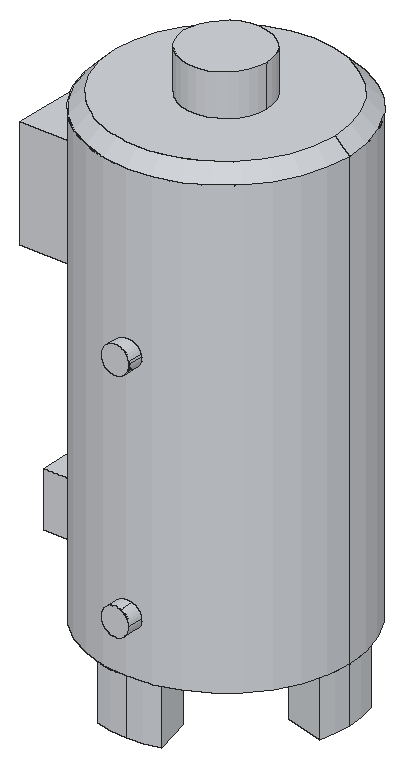
Revit family "9d31ee8ee0424f5d888b5a42d5f154ff", category Mechanical Equipment, Revit 2021
Family settings
  Round Connector Dimension = Use Radius
  Part Type = Normal
  OmniClass Number = 23.75.10.11.14
  OmniClass Title = Hot Water Heat Generators
  Seek Item ID = Hot Water Boiler - 200-1500 MBH-0000-USA-ENU
  Work Plane-Based = No
  Always vertical = Yes
  Cut with Voids When Loaded = No
  Shared = No
  Room Calculation Point = No
Parameters (values of type "200 MBH")
  Water Pressure Drop [instance] = 40.00 psi
  Water Flow [instance] = 4 GPM
  Voltage = 460 V
  Vent Radius = 3"
  Vent Diameter = Vent Radius * 2  # 6"
  Vent Box Radius = Vent Box Diameter / 2  # 0' - 3"
  Vent Box Height = 0' - 3"
  Vent Box Diameter = 0' - 6"
  Radius 1 = Boiler Radius - 0' 3"  # 0' - 6"
  Output Heat [instance] = 170000 Btu/h
  Number of Poles = 3
  Load Classification = Heating
  Input Heat [instance] = 200000.0 Btu/h
  Gas Flow [instance] = 3 GPM
  Exhaust Air Pressure Drop [instance] = 0.00 in-wg
  Exhaust Air Flow [instance] = 0 CFM
  Default Elevation = 0' - 0"
  Apparent Load = 58000 VA
  Hot Water Radius = 3/4"
  Hot Water Diameter = Hot Water Radius * 2  # 1 1/2"
  Boiler Material = none
  Gas Radius = 3/8"
  Gas Diameter = Gas Radius * 2  # 3/4"
  Electrical Box Width = 0' - 3 1/2"
  Electrical Box Length = 0' - 6"
  Electrical Box Height = 0' - 8"
  Cold Water Radius = 3/4"
  Cold Water Diameter = Cold Water Radius * 2  # 1 1/2"
  Boiler Top Radius = Boiler Top Diameter / 2  # 0' - 8"
  Boiler Top Diameter = Boiler Diameter - 0' 2"  # 1' - 4"
  Boiler Radius = Boiler Diameter / 2  # 0' - 9"
  Boiler Height = 2' - 9"
  Boiler Diameter = 1' - 6"
Types (5): name | Water Pressure Drop | Water Flow | Voltage | Vent Radius | Vent Diameter | Vent Box Radius | Vent Box Height | Vent Box Diameter | Radius 1 | Output Heat | Input Heat | Gas Flow | Apparent Load | Gas Radius | Gas Diameter | Electrical Box Width | Electrical Box Length | Electrical Box Height | Boiler Top Radius | Boiler Top Diameter | Boiler Radius | Boiler Height | Boiler Diameter
  (no name) | 40.00 psi | 4 GPM | 460 V | 3" | 6" | 0' - 3" | 0' - 3" | 0' - 6" | 0' - 6" | 170000 Btu/h | 200000.0 Btu/h | 3 GPM | 58000 VA | 3/8" | 3/4" | 0' - 3 1/2" | 0' - 6" | 0' - 8" | 0' - 8" | 1' - 4" | 0' - 9" | 2' - 9" | 1' - 6"
  200 MBH | 40.00 psi | 4 GPM | 460 V | 3" | 6" | 0' - 3" | 0' - 3" | 0' - 6" | 0' - 6" | 170000 Btu/h | 200000.0 Btu/h | 3 GPM | 58000 VA | 3/8" | 3/4" | 0' - 3 1/2" | 0' - 6" | 0' - 8" | 0' - 8" | 1' - 4" | 0' - 9" | 2' - 9" | 1' - 6"
  500 MBH | 12.00 psi | 5 GPM | 460 V | 5" | 10" | 0' - 5" | 0' - 4" | 0' - 10" | 0' - 9" | 425000 Btu/h | 500000.0 Btu/h | 7 GPM | 146000 VA | 1/2" | 1" | 0' - 3 11/16" | 0' - 8" | 0' - 8" | 0' - 11" | 1' - 10" | 1' - 0" | 3' - 2" | 2' - 0"
  1100 MBH | 47.50 psi | 9 GPM | 208 V | 7" | 14" | 0' - 7" | 0' - 6" | 1' - 2" | 1' - 1" | 935000 Btu/h | 1100000.0 Btu/h | 7 GPM | 322000 VA | 5/8" | 1 1/4" | 0' - 3 1/2" | 0' - 8" | 1' - 0" | 1' - 3" | 2' - 6" | 1' - 4" | 3' - 9 1/2" | 2' - 8"
  1500 MBH | 11.00 psi | 5 GPM | 208 V | 8" | 16" | 0' - 8" | 0' - 6" | 1' - 4" | 1' - 2 1/2" | 1275000 Btu/h | 1500000.0 Btu/h | 7 GPM | 440000 VA | 5/8" | 1 1/4" | 0' - 6 1/16" | 1' - 0" | 1' - 8" | 1' - 4 1/2" | 2' - 9" | 1' - 5 1/2" | 4' - 1 1/2" | 2' - 11"
Reference planes (in)
  plane 1 "Center (Front/Back)": y = 0
  plane 2: z = 0
  plane 3 "Center (Left/Right)": x = 0
  plane 4: y = 9
  plane 5: y = -9
  plane 6: x = -9
  plane 7: x = 9
  plane 8: z = 4
  plane 9: z = 37
  plane 10: z = 38
  plane 11: z = 41
  plane 12: x = -12.5
  plane 13: y = 3
  plane 14: y = -3
  plane 15: z = 33
  plane 16: z = 25
  plane 17: x = -12
  plane 18: y = 1.5
  plane 19: y = -1.5
  plane 20: z = 6
  plane 21: z = 10
  plane 22 "RefPlane1": y = -10
  plane 23: z = 25
  plane 24: z = 8
  plane 25: y = -8
Forms (in)
  Extrusion 1, solid, material <- "Boiler Material"
    sketch origin (0, 0, 0) x (1, 0, 0) y (0, 1, 0)
      loop
        arc (-8.69333, 2.32937) -> (-8.923, 1.17474) -> (-9, 0) r 9
        arc (-9, 0) -> (-8.923, -1.17474) -> (-8.69333, -2.32937) r 9
        line (-8.69333, -2.32937) -> (-5.79555, -1.55291)
        arc (-5.79555, -1.55291) -> (-5.94867, -0.78316) -> (-6, 0) r 6
        arc (-6, 0) -> (-5.94867, 0.78316) -> (-5.79555, 1.55291) r 6
        line (-5.79555, 1.55291) -> (-8.69333, 2.32937)
      loop
        arc (0, 9) -> (-1.17474, 8.923) -> (-2.32937, 8.69333) r 9
        line (-2.32937, 8.69333) -> (-1.55291, 5.79555)
        arc (-1.55291, 5.79555) -> (-0.78316, 5.94867) -> (0, 6) r 6
        arc (0, 6) -> (0.78316, 5.94867) -> (1.55291, 5.79555) r 6
        line (1.55291, 5.79555) -> (2.32937, 8.69333)
        arc (2.32937, 8.69333) -> (1.17474, 8.923) -> (0, 9) r 9
      loop
        line (8.69333, 2.32937) -> (5.79555, 1.55291)
        arc (5.79555, 1.55291) -> (5.94867, 0.78316) -> (6, 0) r 6
        arc (6, 0) -> (5.94867, -0.78316) -> (5.79555, -1.55291) r 6
        line (5.79555, -1.55291) -> (8.69333, -2.32937)
        arc (8.69333, -2.32937) -> (8.923, -1.17474) -> (9, 0) r 9
        arc (9, 0) -> (8.923, 1.17474) -> (8.69333, 2.32937) r 9
      loop
        arc (0, -9) -> (1.17474, -8.923) -> (2.32937, -8.69333) r 9
        line (2.32937, -8.69333) -> (1.55291, -5.79555)
        arc (1.55291, -5.79555) -> (0.78316, -5.94867) -> (0, -6) r 6
        arc (0, -6) -> (-0.78316, -5.94867) -> (-1.55291, -5.79555) r 6
        line (-1.55291, -5.79555) -> (-2.32937, -8.69333)
        arc (-2.32937, -8.69333) -> (-1.17474, -8.923) -> (0, -9) r 9
    from 0 to 4
  Extrusion 2, solid, material <- "Boiler Material"
    sketch origin (0, 0, 0) x (1, 0, 0) y (0, 1, 0)
      loop
        circle (0, 0) r 9
    from 4 to 37
  Blend 3, solid, material <- "Boiler Material"
    base sketch origin (0, 0, 0) x (1, 0, 0) y (0, 1, 0)
      loop
        circle (0, 0) r 9
    top sketch origin (0, 0, 0) x (1, 0, 0) y (0, 1, 0)
      loop
        circle (0, 0) r 8
    from 37 to 38
  Extrusion 4, solid, material <- "Boiler Material"
    sketch origin (0, 0, 0) x (1, 0, 0) y (0, 1, 0)
      loop
        circle (0, 0) r 3
    from 38 to 41
  Extrusion 5, solid, material <- "Boiler Material"
    sketch origin (0, 0, 0) x (1, 0, 0) y (0, 1, 0)
      loop
        line (-12.5, -3) -> (0, -3) -> (0, 3) -> (-12.5, 3) -> (-12.5, -3)
    from 25 to 33
  Extrusion 6, solid, material <- "Boiler Material"
    sketch origin (0, 0, 0) x (1, 0, 0) y (0, 1, 0)
      loop
        line (-12, -1.5) -> (0, -1.5) -> (0, 1.5) -> (-12, 1.5) -> (-12, -1.5)
    from 6 to 10
  Extrusion 7, solid, material <- "Boiler Material", detail levels fine
    sketch origin (0, -10, 0) x (-1, 0, 0) y (0, 0, 1)
      loop
        circle (0, 25) r 1
    from 0 to 2
  Extrusion 8, solid, material <- "Boiler Material", detail levels fine
    sketch origin (0, -10, 0) x (-1, 0, 0) y (0, 0, 1)
      loop
        circle (0, 8) r 1
    from 0 to 2
  Extrusion 9, solid
    sketch origin (0, 0, 0) x (1, 0, 0) y (0, 0, 1)
      loop
        circle (0, 25) r 1
      loop
        circle (0, 8) r 1
    from 8 to 10
Cuts and joins
  joined: Blend 3, Extrusion 4, Extrusion 5
Lines and regions (in)
  symbolic lines, detail levels coarse+medium
    curve 1: line (0, -9, 25) -> (0, -10, 25)
    curve 2: line (0, -9, 8) -> (0, -10, 8)
Dimensions and locks (in)
  "Boiler Diameter": plane 6 to plane 7
  equal spacing: plane 6, plane 3 "Center (Left/Right)", plane 7
  "Boiler Diameter": plane 4 to plane 5
  equal spacing: plane 4, plane 1 "Center (Front/Back)", plane 5
  locked: plane 2 to plane 8 at 4
  locked: Extrusion 1 sketch curve to Extrusion 1 sketch curve at 3  (x2)
  "Boiler Height": plane 8 to plane 9
  locked: plane 9 to plane 10 at 1
  "Vent Box Height": plane 10 to plane 11
  "Electrical Box Width": plane 12 to plane 6
  equal spacing: plane 13, plane 1 "Center (Front/Back)", plane 14
  "Electrical Box Length": plane 13 to plane 14
  locked: plane 15 to plane 10 at 5
  "Electrical Box Height": plane 16 to plane 15
  locked: plane 17 to plane 6 at 3
  locked: plane 1 "Center (Front/Back)" to plane 18 at 1.5
  locked: plane 19 to plane 1 "Center (Front/Back)" at 1.5
  locked: plane 8 to plane 20 at 2
  locked: plane 20 to plane 21 at 4
  locked: plane 5 to plane 22 "RefPlane1" at 1
  locked: plane 23 to plane 9 at 12
  locked: plane 8 to plane 24 at 4
  locked: plane 25 to plane 5 at 1
  "Boiler Radius": radius of Extrusion 1 sketch curve  (x6)
  "Radius 1": radius of Extrusion 1 sketch curve  (x5)
  "Boiler Radius": radius of Extrusion 2 sketch curve
  "Boiler Radius": radius of Blend 3 sketch curve
  "Boiler Top Radius": radius of Blend 3 sketch curve
  "Vent Box Radius": radius of Extrusion 4 sketch curve
  radius of Extrusion 7 sketch curve = 0' - 1"
  radius of Extrusion 8 sketch curve = 0' - 1"
  radius of Extrusion 9 sketch curve = 0' - 1"  (x2)
  locked: Extrusion 1 sketch curve to Extrusion 1 sketch curve (angle 15.00°)  (x14)
  angle Extrusion 1 sketch curve to Extrusion 1 sketch curve = 15.00°
  locked: Extrusion 1 sketch curve to plane 1 "Center (Front/Back)" (angle 15.00°)  (x2)
  locked: plane 1 "Center (Front/Back)" to Extrusion 1 sketch curve (angle 15.00°)  (x2)
  locked: plane 3 "Center (Left/Right)" to Extrusion 1 sketch curve (angle 15.00°)
  locked: Extrusion 1 sketch curve to plane 3 "Center (Left/Right)" (angle 15.00°)
  aligned and locked: plane 6 to Extrusion 1 sketch curve
  aligned and locked: Extrusion 1 to plane 2
  aligned and locked: plane 8 to Extrusion 1
  aligned and locked: plane 1 "Center (Front/Back)" to Extrusion 1 sketch curve
  aligned and locked: plane 3 "Center (Left/Right)" to Extrusion 1 sketch curve  (x4)
  aligned and locked: plane 3 "Center (Left/Right)" to Extrusion 2 sketch curve
  aligned and locked: plane 1 "Center (Front/Back)" to Extrusion 2 sketch curve
  aligned and locked: Extrusion 2 to Extrusion 1
  aligned and locked: plane 9 to Extrusion 2
  aligned and locked: plane 3 "Center (Left/Right)" to Blend 3 sketch curve  (x2)
  aligned and locked: plane 1 "Center (Front/Back)" to Blend 3 sketch curve  (x2)
  aligned and locked: plane 10 to Blend 3
  aligned and locked: Blend 3 to Extrusion 2
  aligned and locked: plane 1 "Center (Front/Back)" to Extrusion 4 sketch curve
  aligned and locked: plane 11 to Extrusion 4
  aligned and locked: Extrusion 4 to plane 10
  aligned and locked: plane 12 to Extrusion 5 sketch curve
  aligned and locked: Extrusion 5 sketch curve to plane 14
  aligned and locked: Extrusion 5 sketch curve to plane 13
  aligned and locked: plane 3 "Center (Left/Right)" to Extrusion 5 sketch curve
  aligned and locked: plane 3 "Center (Left/Right)" to Extrusion 4 sketch curve
  aligned and locked: plane 15 to Extrusion 5
  aligned and locked: Extrusion 5 to plane 16
  aligned and locked: plane 17 to Extrusion 6 sketch curve
  aligned and locked: Extrusion 6 sketch curve to plane 19
  aligned and locked: Extrusion 6 sketch curve to plane 18
  aligned and locked: plane 3 "Center (Left/Right)" to Extrusion 6 sketch curve
  aligned and locked: Extrusion 6 to plane 20
  aligned and locked: plane 21 to Extrusion 6
  aligned and locked: plane 3 "Center (Left/Right)" to Extrusion 7 sketch curve
  aligned and locked: Extrusion 7 to plane 22 "RefPlane1"
  aligned and locked: plane 3 "Center (Left/Right)" to Extrusion 8 sketch curve
  aligned and locked: plane 24 to Extrusion 8 sketch curve
  aligned and locked: Extrusion 8 to plane 22 "RefPlane1"
  aligned and locked: plane 23 to Extrusion 7 sketch curve
  aligned and locked: curve 1 to plane 3 "Center (Left/Right)"
  aligned and locked: plane 22 "RefPlane1" to curve 1
  aligned and locked: plane 5 to curve 1
  aligned and locked: curve 2 to plane 3 "Center (Left/Right)"
  aligned and locked: plane 22 "RefPlane1" to curve 2
  aligned and locked: plane 5 to curve 2
  aligned and locked: Extrusion 7 to plane 25
  aligned and locked: Extrusion 8 to Extrusion 7
  aligned and locked: plane 23 to Extrusion 9 sketch curve
  aligned and locked: plane 3 "Center (Left/Right)" to Extrusion 9 sketch curve  (x2)
  aligned and locked: plane 24 to Extrusion 9 sketch curve
  aligned and locked: Extrusion 9 to plane 22 "RefPlane1"
  aligned and locked: Extrusion 9 to plane 25
Automatic sketch dimensions
  Extrusion 1 sketch curve to Extrusion 1 sketch curve = 0' - 0"  (x7)
  Extrusion 1 sketch curve to plane 5 = 0' - 0"
Connectors (in)
  piping at (0, -10, 25), diameter 1.5, driven by "Hot Water Radius", driven by "Water Pressure Drop", driven by "Water Flow"
    settings: on cut or joined group of Blend 3, Extrusion 4, Extrusion 5, index 1, connector inside diameter 1 1/2", connector length 0' - 0", flow factor 0, pipe flow 4 GPM, pressure drop 40.00 psi, fitting loss kfactor 0, connector angle 0.00°, fixture units 0, engagement length 0' - 0", angle of deflection 0.00°, flow configuration 0, flow direction 2, fitting loss method 4, system type 7, joint type 0, gender type 0, connector reference index 2, connector utility 0, adjustable connector no, is connector primary yes, connector description "Hot Water Out"
  piping at (0, -10, 8), diameter 1.5, driven by "Cold Water Radius", driven by "Water Flow"
    settings: on cut or joined group of Blend 3, Extrusion 4, Extrusion 5, index 2, connector inside diameter 1 1/2", connector length 0' - 0", flow factor 0, pipe flow 4 GPM, pressure drop 0.00 psi, fitting loss kfactor 0, connector angle 0.00°, fixture units 0, engagement length 0' - 0", angle of deflection 0.00°, flow configuration 0, flow direction 1, fitting loss method 4, system type 8, joint type 0, gender type 0, connector reference index 1, connector utility 0, adjustable connector no, is connector primary no, connector description "Cold Water In"
  piping at (-12, 0, 8), diameter 0.75, driven by "Gas Radius", driven by "Gas Flow"
    settings: on cut or joined group of Blend 3, Extrusion 4, Extrusion 5, index 3, connector inside diameter 3/4", connector length 0' - 0", flow factor 0, pipe flow 3 GPM, pressure drop 0.00 psi, fitting loss kfactor 0, connector angle 0.00°, fixture units 0, engagement length 0' - 0", angle of deflection 0.00°, flow configuration 1, flow direction 1, fitting loss method 4, system type 22, joint type 0, gender type 0, connector reference index -1, connector utility 0, adjustable connector no, is connector primary no, connector description "Gas In"
  electrical at (-6.25, -3, 29), driven by "Voltage", driven by "Number of Poles", driven by "Apparent Load", driven by "Load Classification"
    settings: on cut or joined group of Blend 3, Extrusion 4, Extrusion 5, index 5, voltage 460 V, apparent load 58000 VA, apparent load phase1 0 VA, apparent load phase2 0 VA, apparent load phase3 0 VA, power factor 0.8, load classification "Heating", number of poles 3, system type 30, power factor state 1, is connector primary yes, connector utility no, sub classification motor no, connector description ""
  hvac at (0, 0, 41), driven by "Vent Radius", driven by "Exhaust Air Flow", driven by "Exhaust Air Pressure Drop"
    settings: on cut or joined group of Blend 3, Extrusion 4, Extrusion 5, index 6, duct flow 0 CFM, flow factor 0, pres drop 0.00 in-wg, loss coef 0, conn angle 0.00°, conn width 12", conn height 12", conn diameter 6", duct sys type 3, conn prof type 0, flow config 1, flow direction 2, loss method 4, conn ref index -1, conn util no, is conn primary yes, conn desc ""
